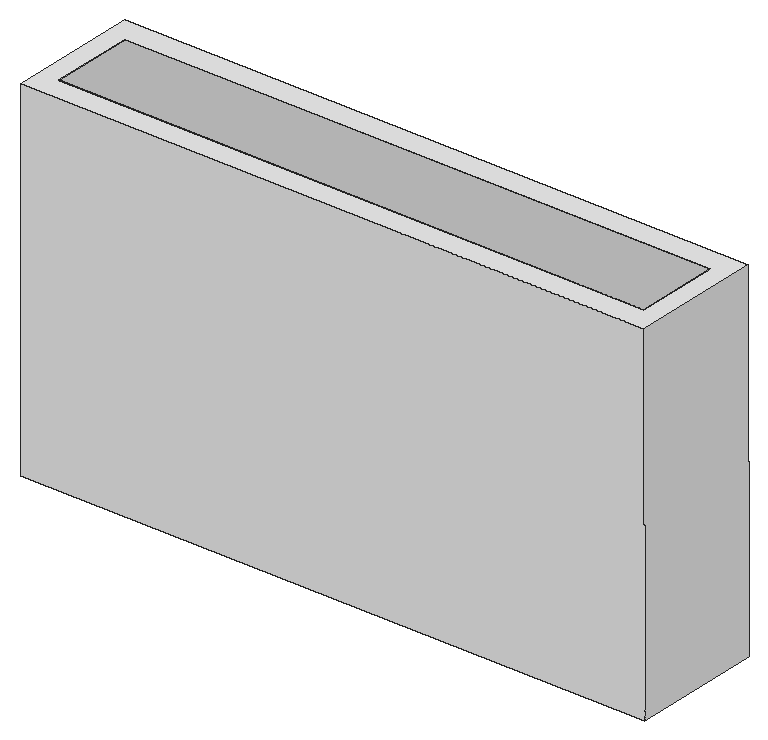
Revit family "08.Wichmann Kabelbox SoniFoam_DECK", category Mechanical Equipment, host Ceiling, Revit 2018
Family settings
  Host = Ceiling
  Round Connector Dimension = Use Diameter
  Part Type = Normal
  OmniClass Number = 23.75.00.00
  OmniClass Title = Climate Control (HVAC)
  Always vertical = Yes
  Cut with Voids When Loaded = No
  Shared = No
  Room Calculation Point = No
Parameters (values of type "Kabelbox SoniFoam, 100x480x270 mm")
  Tbox = 270 mm
  TCeiling_0 [instance] = 200 mm
  T0 [instance] = TCeiling_0  # 200 mm
  Hout = 120 mm
  Hi = 64 mm
  HAN = "SF100480"
  HA = 100 mm
  Bout = 500 mm
  Bi = 450 mm
  BA = 480 mm
  Ah [instance] = 0.5 * (Hout - HA)  # 10 mm
  Ab [instance] = 0.5 * (Bout - BA)  # 10 mm
Types (68, lengths in mm): name | TCeiling_0 | T0 | Hout | Hi | HAN | HA | Bout | Bi | BA
  Kabelbox SoniFoam, 80x200x270 mm | 200 | 200 | 100 | 50 | "SF080200" | 80 | 220 | 170 | 200
  Kabelbox SoniFoam, 90x120x270 mm | 500 | 500 | 110 | 56 | "SF090120" | 90 | 140 | 90 | 120
  Kabelbox SoniFoam, 90x580x270 mm | 500 | 500 | 110 | 56 | "SF090580" | 90 | 600 | 550 | 580
  Kabelbox SoniFoam, 100x480x270 mm | 200 | 200 | 120 | 64 | "SF100480" | 100 | 500 | 450 | 480
  Kabelbox SoniFoam, 110x380x270 mm | 500 | 500 | 130 | 70 | "SF110380" | 110 | 400 | 350 | 380
  Kabelbox SoniFoam, 110x535x270 mm | 500 | 500 | 130 | 70 | "SF110535" | 110 | 555 | 505 | 535
  Kabelbox SoniFoam, 110x580x270 mm | 500 | 500 | 130 | 70 | "SF110580" | 110 | 600 | 550 | 580
  Kabelbox SoniFoam, 110x640x270 mm | 500 | 500 | 130 | 70 | "SF110640" | 110 | 660 | 610 | 640
  Kabelbox SoniFoam, 60x90x270 mm | 500 | 500 | 80 | 33 | "SF060090" | 60 | 110 | 60 | 90
  Kabelbox SoniFoam, 60x120x270 mm | 500 | 500 | 80 | 33 | "SF060120" | 60 | 140 | 90 | 120
  Kabelbox SoniFoam, 60x160x270 mm | 500 | 500 | 80 | 33 | "SF060160" | 60 | 180 | 130 | 160
  Kabelbox SoniFoam, 60x180x270 mm | 200 | 200 | 80 | 33 | "SF060180" | 60 | 200 | 150 | 180
  Kabelbox SoniFoam, 60x200x270 mm | 500 | 500 | 80 | 33 | "SF060200" | 60 | 220 | 170 | 200
  Kabelbox SoniFoam, 60x240x270 mm | 500 | 500 | 80 | 33 | "SF060240" | 60 | 260 | 210 | 240
  Kabelbox SoniFoam, 60x280x270 mm | 500 | 500 | 80 | 33 | "SF060280" | 60 | 300 | 250 | 280
  Kabelbox SoniFoam, 60x380x270 mm | 500 | 500 | 80 | 33 | "SF060380" | 60 | 400 | 350 | 380
  Kabelbox SoniFoam, 60x435x270 mm | 500 | 500 | 80 | 33 | "SF060435" | 60 | 455 | 405 | 435
  Kabelbox SoniFoam, 60x480x270 mm | 500 | 500 | 80 | 33 | "SF060480" | 60 | 500 | 450 | 480
  Kabelbox SoniFoam, 60x535x270 mm | 500 | 500 | 80 | 33 | "SF060535" | 60 | 555 | 505 | 535
  Kabelbox SoniFoam, 60x580x270 mm | 500 | 500 | 80 | 33 | "SF060580" | 60 | 600 | 550 | 580
  Kabelbox SoniFoam, 60x640x270 mm | 500 | 500 | 80 | 33 | "SF060640" | 60 | 660 | 610 | 640
  Kabelbox SoniFoam, 80x90x270 mm | 500 | 500 | 100 | 50 | "SF080090" | 80 | 110 | 60 | 90
  Kabelbox SoniFoam, 80x120x270 mm | 500 | 500 | 100 | 50 | "SF080120" | 80 | 140 | 90 | 120
  Kabelbox SoniFoam, 80x160x270 mm | 500 | 500 | 100 | 50 | "SF080160" | 80 | 180 | 130 | 160
  Kabelbox SoniFoam, 80x180x270 mm | 500 | 500 | 100 | 50 | "SF080180" | 80 | 200 | 150 | 180
  Kabelbox SoniFoam, 80x240x270 mm | 500 | 500 | 100 | 50 | "SF080240" | 80 | 260 | 210 | 240
  Kabelbox SoniFoam, 80x280x270 mm | 500 | 500 | 100 | 50 | "SF080280" | 80 | 300 | 250 | 280
  Kabelbox SoniFoam, 80x335x270 mm | 500 | 500 | 100 | 50 | "SF080335" | 80 | 355 | 305 | 335
  Kabelbox SoniFoam, 80x380x270 mm | 500 | 500 | 100 | 50 | "SF080380" | 80 | 400 | 350 | 380
  Kabelbox SoniFoam, 80x435x270 mm | 500 | 500 | 100 | 50 | "SF080435" | 80 | 455 | 405 | 435
  Kabelbox SoniFoam, 80x480x270 mm | 500 | 500 | 100 | 50 | "SF080480" | 80 | 500 | 450 | 480
  Kabelbox SoniFoam, 80x535x270 mm | 500 | 500 | 100 | 50 | "SF080535" | 80 | 555 | 505 | 535
  Kabelbox SoniFoam, 80x580x270 mm | 500 | 500 | 100 | 50 | "SF080580" | 80 | 600 | 550 | 580
  Kabelbox SoniFoam, 80x640x270 mm | 500 | 500 | 100 | 50 | "SF080640" | 80 | 660 | 610 | 640
  Kabelbox SoniFoam, 90x90x270 mm | 500 | 500 | 110 | 56 | "SF090090" | 90 | 110 | 60 | 90
  Kabelbox SoniFoam, 90x160x270 mm | 500 | 500 | 110 | 56 | "SF090160" | 90 | 180 | 130 | 160
  Kabelbox SoniFoam, 90x180x270 mm | 500 | 500 | 110 | 56 | "SF090180" | 90 | 200 | 150 | 180
  Kabelbox SoniFoam, 90x200x270 mm | 500 | 500 | 110 | 56 | "SF090200" | 90 | 220 | 170 | 200
  Kabelbox SoniFoam, 90x240x270 mm | 500 | 500 | 110 | 56 | "SF090240" | 90 | 260 | 210 | 240
  Kabelbox SoniFoam, 90x280x270 mm | 500 | 500 | 110 | 56 | "SF090280" | 90 | 300 | 250 | 280
  Kabelbox SoniFoam, 90x335x270 mm | 500 | 500 | 110 | 56 | "SF090335" | 90 | 355 | 305 | 335
  Kabelbox SoniFoam, 90x380x270 mm | 500 | 500 | 110 | 56 | "SF090380" | 90 | 400 | 350 | 380
  Kabelbox SoniFoam, 90x435x270 mm | 500 | 500 | 110 | 56 | "SF090435" | 90 | 455 | 405 | 435
  Kabelbox SoniFoam, 90x480x270 mm | 500 | 500 | 110 | 56 | "SF090480" | 90 | 500 | 450 | 480
  Kabelbox SoniFoam, 90x535x270 mm | 500 | 500 | 110 | 56 | "SF090535" | 90 | 555 | 505 | 535
  Kabelbox SoniFoam, 90x640x270 mm | 500 | 500 | 110 | 56 | "SF090640" | 90 | 660 | 610 | 640
  Kabelbox SoniFoam, 100x120x270 mm | 500 | 500 | 120 | 64 | "SF100120" | 100 | 140 | 90 | 120
  Kabelbox SoniFoam, 100x160x270 mm | 500 | 500 | 120 | 64 | "SF100160" | 100 | 180 | 130 | 160
  Kabelbox SoniFoam, 100x180x270 mm | 500 | 500 | 120 | 64 | "SF100180" | 100 | 200 | 150 | 180
  Kabelbox SoniFoam, 100x200x270 mm | 500 | 500 | 120 | 64 | "SF100200" | 100 | 220 | 170 | 200
  Kabelbox SoniFoam, 100x240x270 mm | 500 | 500 | 120 | 64 | "SF100240" | 100 | 260 | 210 | 240
  Kabelbox SoniFoam, 100x280x270 mm | 500 | 500 | 120 | 64 | "SF100280" | 100 | 300 | 250 | 280
  Kabelbox SoniFoam, 100x335x270 mm | 500 | 500 | 120 | 64 | "SF100335" | 100 | 355 | 305 | 335
  Kabelbox SoniFoam, 100x380x270 mm | 500 | 500 | 120 | 64 | "SF100380" | 100 | 400 | 350 | 380
  Kabelbox SoniFoam, 100x435x270 mm | 500 | 500 | 120 | 64 | "SF100435" | 100 | 455 | 405 | 435
  Kabelbox SoniFoam, 100x535x270 mm | 500 | 500 | 120 | 64 | "SF100535" | 100 | 555 | 505 | 535
  Kabelbox SoniFoam, 100x580x270 mm | 500 | 500 | 120 | 64 | "SF100580" | 100 | 600 | 550 | 580
  Kabelbox SoniFoam, 100x640x270 mm | 500 | 500 | 120 | 64 | "SF100640" | 100 | 660 | 610 | 640
  Kabelbox SoniFoam, 110x120x270 mm | 500 | 500 | 130 | 70 | "SF110120" | 110 | 140 | 90 | 120
  Kabelbox SoniFoam, 110x160x270 mm | 500 | 500 | 130 | 70 | "SF110160" | 110 | 180 | 130 | 160
  Kabelbox SoniFoam, 110x180x270 mm | 500 | 500 | 130 | 70 | "SF110180" | 110 | 200 | 150 | 180
  Kabelbox SoniFoam, 110x200x270 mm | 500 | 500 | 130 | 70 | "SF110200" | 110 | 220 | 170 | 200
  Kabelbox SoniFoam, 110x240x270 mm | 500 | 500 | 130 | 70 | "SF110240" | 110 | 260 | 210 | 240
  Kabelbox SoniFoam, 110x280x270 mm | 500 | 500 | 130 | 70 | "SF110280" | 110 | 300 | 250 | 280
  Kabelbox SoniFoam, 110x335x270 mm | 500 | 500 | 130 | 70 | "SF110335" | 110 | 355 | 305 | 335
  Kabelbox SoniFoam, 110x435x270 mm | 500 | 500 | 130 | 70 | "SF110435" | 110 | 455 | 405 | 435
  Kabelbox SoniFoam, 110x480x270 mm | 500 | 500 | 130 | 70 | "SF110480" | 110 | 500 | 450 | 480
  Kabelbox SoniFoam, 60x335x270 mm | 200 | 200 | 80 | 33 | "SF060335" | 60 | 355 | 305 | 335
Reference planes
  plane 1 "Center (Front/Back)": y = 0
  plane 2: z = 0
  plane 3 "Center (Left/Right)": x = 0
  plane 4 "Ceiling": z = 4065
  plane 5: x = -225
  plane 6: x = 225
  plane 7: y = 32
  plane 8: y = -32
  plane 9: x = -240
  plane 10: x = -250
  plane 11: x = 240
  plane 12: x = 250
  plane 13: y = 50
  plane 14: y = 60
  plane 15: y = -50
  plane 16: y = -60
  plane 17: z = 4165
  plane 18: z = 4265
  plane 19: z = 4300
  plane 20: z = 4030
Forms (mm)
  Extrusion 1, solid, material "SoniFoam"
    sketch origin (0, 0, 4065) x (0, 1, 0) y (-1, 0, 0)
      loop
        line (32, 225) -> (-32, 225) -> (-32, -225) -> (32, -225) -> (32, 225)
    from -35 to 235
  Extrusion 2, solid, material "Brandschutzeinlage"
    sketch origin (0, 0, 4065) x (0, 1, 0) y (-1, 0, 0)
      loop
        line (50, 240) -> (-50, 240) -> (-50, -240) -> (50, -240) -> (50, 240)
      loop
        line (32, 225) -> (-32, 225) -> (-32, -225) -> (32, -225) -> (32, 225)
    from -35 to 235
Lines and regions (mm)
  Opening 1
    outline origin (-2000, 2000, 4265) x (-1, 0, 0) y (0, -1, 0)
      loop
        line (-1750, 1940) -> (-1750, 2060) -> (-2250, 2060) -> (-2250, 1940) -> (-1750, 1940)
Dimensions and locks
  equal spacing: host sketch curve, plane 3 "Center (Left/Right)", host sketch curve
  equal spacing: host sketch curve, plane 1 "Center (Front/Back)", host sketch curve
  host sketch curve to host sketch curve = 4000 mm  (x2)
  equal spacing: plane 8, plane 1 "Center (Front/Back)", plane 7
  equal spacing: plane 5, plane 3 "Center (Left/Right)", plane 6
  equal spacing: plane 9, plane 3 "Center (Left/Right)", plane 11
  equal spacing: plane 10, plane 3 "Center (Left/Right)", plane 12
  equal spacing: plane 13, plane 1 "Center (Front/Back)", plane 15
  equal spacing: plane 14, plane 1 "Center (Front/Back)", plane 16
  "Bout": plane 10 to plane 12
  "BA": plane 9 to plane 11
  "Bi": plane 5 to plane 6
  "Hi": plane 7 to plane 8
  "Hout": plane 14 to plane 16
  "HA": plane 13 to plane 15
  equal spacing: plane 18, plane 17, plane 4 "Ceiling"
  "TCeiling_0": host ceiling to host ceiling
  "T0": plane 18 to plane 4 "Ceiling"
  plane 19 to plane 17 to plane 20 = 135 mm locked, 135 mm locked
  aligned and locked: plane 7 to Extrusion 1 sketch curve
  aligned and locked: plane 5 to Extrusion 1 sketch curve
  aligned and locked: Extrusion 1 sketch curve to plane 8
  aligned and locked: Extrusion 1 sketch curve to plane 6
  aligned and locked: plane 13 to Extrusion 2 sketch curve
  aligned and locked: plane 9 to Extrusion 2 sketch curve
  aligned and locked: Extrusion 2 sketch curve to plane 15
  aligned and locked: Extrusion 2 sketch curve to plane 11
  aligned and locked: plane 7 to Extrusion 2 sketch curve
  aligned and locked: plane 5 to Extrusion 2 sketch curve
  aligned and locked: Extrusion 2 sketch curve to Extrusion 1  (x2)
  aligned and locked: plane 12 to Opening 1 sketch curve
  aligned and locked: Opening 1 sketch curve to plane 14
  aligned and locked: Opening 1 sketch curve to plane 10
  aligned and locked: plane 16 to Opening 1 sketch curve
  aligned and locked: plane 1 "Center (Front/Back)" to nested 1
  aligned and locked: plane 3 "Center (Left/Right)" to nested 1
  aligned and locked: plane 1 "Center (Front/Back)" to nested 2
  aligned and locked: plane 4 "Ceiling" to host ceiling
  aligned and locked: plane 19 to Extrusion 2
  aligned and locked: plane 19 to Extrusion 1
  aligned and locked: Extrusion 2 to plane 20
  aligned and locked: Extrusion 2 to Extrusion 1
  aligned and locked: nested 3 to plane 17
  aligned and locked: plane 3 "Center (Left/Right)" to nested 3
  aligned and locked: plane 17 to nested 2
Nested families
  nested 1: "Schatten gefüllt" at (0, 0, 0), Tiefe <- "Hout", Breite <- "Bout", Ah0 <- "Ah", Ab0 <- "Ab", type "Schatten gefüllt"
    with Wand maskieren yes, Verdeckte Linien no, Tiefe 120 mm, Linien ausgezogen yes, Füllungssymbol yes, Breite 500 mm, Ah0 10 mm, Ab0 10 mm
  nested 2: "Kreuz" at (0, 0, 4165) x (0, -1, 0) z (1, 0, 0), Breite <- "HA", Tiefe <- "T0", type "Kreuz"
    with Wand maskieren yes, Verdeckte Linien yes, Tiefe 200 mm, Linien ausgezogen yes, Füllungssymbol yes, Breite 100 mm
  nested 3: "Kreuz" at (0, 0, 4165) x (1, 0, 0) z (0, -1, 0), Breite <- "BA", Tiefe <- "T0", type "Kreuz"
    with Wand maskieren yes, Verdeckte Linien yes, Tiefe 200 mm, Linien ausgezogen yes, Füllungssymbol yes, Breite 480 mm
Definition of nested family "Schatten gefüllt"
  Parameters (values of type "Schatten gefüllt")
    Wand maskieren [instance] = yes
    Linien ausgezogen [instance] = yes
    Verdeckte Linien [instance] = no
    Ab0 [instance] = 30 mm
    Füllungssymbol [instance] = yes
    Tiefe [instance] = 100 mm
    Breite [instance] = 200 mm
    Assembly Code = ""
    Ah0 [instance] = 20 mm
  Reference planes
    plane 1 "Mitte ( Vorne/hinten)": y = 0
    plane 2: z = 0
    plane 3 "Mitte (Links/rechts)": x = 0
    plane 4: y = 50
    plane 5: x = -100
    plane 6: x = 100
    plane 7: y = -50
    plane 8: y = 30
    plane 9: x = -70
  Lines and regions (mm)
    Filled region 1, type "Schwarz", in view "Referenzebene.", visible <- "Füllungssymbol"
      outline origin (0, 0, 0) x (0, 1, 0) y (-1, 0, 0)
        loop
          line (50, -100) -> (50, 100) -> (-50, 100) -> (30, 70) -> (50, -100)
    Masking region 1, in view "Referenzebene.", visible <- "Wand maskieren"
      outline origin (0, 0, 0) x (0, 1, 0) y (-1, 0, 0)
        loop
          line (-50, -100) -> (50, -100) -> (30, 70) -> (-50, 100) -> (-50, -100)
    detail lines, in view "Referenzebene.", visible <- "Linien ausgezogen"
      curve 1: line (100, 50, 0) -> (-100, 50, 0)
      curve 2: line (100, -50, 0) -> (100, 50, 0)
      curve 3: line (-100, -50, 0) -> (100, -50, 0)
      curve 4: line (-100, 50, 0) -> (-100, -50, 0)
      curve 5: line (100, 50, 0) -> (-70, 30, 0)
      curve 6: line (-70, 30, 0) -> (-100, -50, 0)
    detail lines, in view "Referenzebene.", visible <- "Verdeckte Linien"
      curve 7: line (100, 50, 0) -> (-100, 50, 0)
      curve 8: line (100, -50, 0) -> (100, 50, 0)
      curve 9: line (-100, -50, 0) -> (100, -50, 0)
      curve 10: line (-100, 50, 0) -> (-100, -50, 0)
      curve 11: line (100, 50, 0) -> (-70, 30, 0)
      curve 12: line (-70, 30, 0) -> (-100, -50, 0)
  Dimensions and locks
    equal spacing: plane 5, plane 3 "Mitte (Links/rechts)", plane 6
    "Breite": plane 5 to plane 6
    equal spacing: plane 4, plane 1 "Mitte ( Vorne/hinten)", plane 7
    "Tiefe": plane 7 to plane 4
    "Ah0": plane 4 to plane 8
    "Ab0": plane 5 to plane 9
    aligned and locked: Masking region 1 sketch curve to curve 11
    aligned and locked: Masking region 1 sketch curve to curve 12
    aligned and locked: plane 7 to Masking region 1 sketch curve
    aligned and locked: Masking region 1 sketch curve to plane 6
    aligned and locked: Filled region 1 sketch curve to plane 5
    aligned and locked: plane 4 to Filled region 1 sketch curve
    aligned and locked: curve 4 to plane 5
    aligned and locked: curve 2 to plane 6
    aligned and locked: plane 4 to curve 1
    aligned and locked: plane 7 to curve 3
    aligned and locked: Filled region 1 sketch curve to curve 6
    aligned and locked: Filled region 1 sketch curve to curve 11
  Automatic sketch dimensions
    Masking region 1 sketch curve to plane 8 = 0 mm
    Masking region 1 sketch curve to plane 4 = 0 mm
    Masking region 1 sketch curve to plane 9 = 0 mm
    Masking region 1 sketch curve to plane 5 = 0 mm
Definition of nested family "Kreuz"
  Parameters (values of type "Kreuz")
    Breite [instance] = 200 mm
    Wand maskieren [instance] = yes
    Linien ausgezogen [instance] = yes
    Verdeckte Linien [instance] = yes
    Füllungssymbol [instance] = yes
    Tiefe [instance] = 100 mm
  Reference planes
    plane 1 "Mitte ( Vorne/hinten)": y = 0
    plane 2: z = 0
    plane 3 "Mitte (Links/rechts)": x = 0
    plane 4: y = 50
    plane 5: x = -100
    plane 6: x = 100
    plane 7: y = -50
  Lines and regions (mm)
    Masking region 1, in view "Ref.-Ebene", visible <- "Wand maskieren"
      outline origin (0, 0, 0) x (1, 0, 0) y (0, 1, 0)
        loop
          line (-100, -50) -> (0, 0) -> (-100, 50) -> (-100, -50)
    Masking region 2, in view "Ref.-Ebene", visible <- "Wand maskieren"
      outline origin (0, 0, 0) x (0, 1, 0) y (-1, 0, 0)
        loop
          line (-50, -100) -> (50, -100) -> (0, 0) -> (-50, -100)
    Masking region 3, in view "Ref.-Ebene", visible <- "Wand maskieren"
      outline origin (0, 0, 0) x (1, 0, 0) y (0, 1, 0)
        loop
          line (-100, 50) -> (0, 0) -> (100, 50) -> (-100, 50)
    Masking region 4, in view "Ref.-Ebene", visible <- "Wand maskieren"
      outline origin (0, 0, 0) x (0, -1, 0) y (1, 0, 0)
        loop
          line (50, -100) -> (50, 100) -> (0, 0) -> (50, -100)
    detail lines, in view "Ref.-Ebene", visible <- "Linien ausgezogen"
      curve 1: line (-100, 50, 0) -> (100, 50, 0)
      curve 2: line (-100, -50, 0) -> (-100, 50, 0)
      curve 3: line (100, -50, 0) -> (-100, -50, 0)
      curve 4: line (100, 50, 0) -> (100, -50, 0)
      curve 5: line (-100, -50, 0) -> (100, 50, 0)
      curve 6: line (-100, 50, 0) -> (100, -50, 0)
    detail lines, in view "Ref.-Ebene", visible <- "Verdeckte Linien"
      curve 7: line (-100, 50, 0) -> (100, 50, 0)
      curve 8: line (-100, -50, 0) -> (-100, 50, 0)
      curve 9: line (100, -50, 0) -> (-100, -50, 0)
      curve 10: line (100, 50, 0) -> (100, -50, 0)
      curve 11: line (-100, 50, 0) -> (100, -50, 0)
      curve 12: line (-100, -50, 0) -> (100, 50, 0)
  Dimensions and locks
    equal spacing: plane 5, plane 3 "Mitte (Links/rechts)", plane 6
    equal spacing: plane 4, plane 1 "Mitte ( Vorne/hinten)", plane 7
    "Breite": plane 5 to plane 6
    "Tiefe": plane 4 to plane 7
    aligned and locked: curve 1 to plane 4
    aligned and locked: curve 3 to plane 7
    aligned and locked: Masking region 1 sketch curve to curve 2
    aligned and locked: Masking region 1 sketch curve to curve 6
    aligned and locked: Masking region 1 sketch curve to curve 5
    aligned and locked: Masking region 2 sketch curve to plane 6
    aligned and locked: Masking region 2 sketch curve to curve 5
    aligned and locked: Masking region 2 sketch curve to curve 6
    aligned and locked: Masking region 3 sketch curve to curve 1
    aligned and locked: Masking region 3 sketch curve to curve 6
    aligned and locked: curve 5 to Masking region 3 sketch curve
    aligned and locked: plane 7 to Masking region 4 sketch curve
    aligned and locked: curve 6 to Masking region 4 sketch curve
    aligned and locked: Masking region 4 sketch curve to curve 5
    aligned and locked: plane 6 to curve 10
    aligned and locked: plane 5 to curve 8
